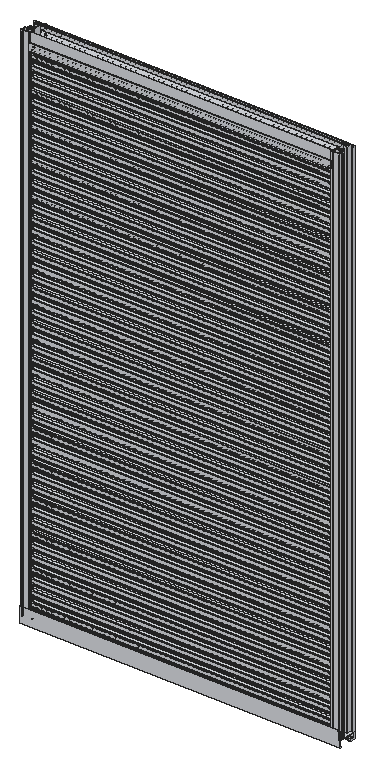
Revit family "All-LiteECD-245", category Mechanical Equipment, host Wall, Revit 2015
Parameters
  Width Control = if(Width < Min Width, Min Width, if(Width > Max Width, Max Width, Width))  # 3' - 0"
  Width = 3' - 0"
  Warranty = "http://www.alllite.com/alllite_warranty.pdf"
  Free Area = "48'' × 48'' unit: 6.6 ft2 41.3%"  # constant formula
  Free Area Velocity @ Beginning Point of Water Penetration = "1172 fpm"  # constant formula
  Air Volume Delivered @ Beginning Point of Water Penetration = "7744 fpm"  # constant formula
  Pressure Loss @ Beginning Point of Water Penetration = ".37 in.wg."  # constant formula
  Velocity @ 0.15 in.wg. Pressure Loss = "760 fpm"  # constant formula
  Max Width to Center of Damper = 0' - 2 1/2"  # constant formula
  Jamb Height = Height - 0' 0 3/4"  # 4' - 11 1/4"
  Description = "The ECD-245 offers exceptional protection against winddriven\r\nrain under the most severe conditions. The ECD-245\r\nincorporates horizontal blades and is available in a wide\r\narray of anodized and painted finishes including custom\r\ncolor matching."  # constant formula
  Design Load = "20 psf"  # constant formula
  URL = "http://www.alllite.com/"
  Specifications = "http://www.alllite.com/media/resource/ecd245csispecification.doc"
  Product URL = "http://www.alllite.com-ecd-245"
  Frame Material = none
  Face of Frame From Face of Wall = 0' - 0 1/2"
  Center Damper Control = if(Face of Frame From Face of Wall > 0' 2 1/2", Max Width to Center of Damper, Face of Frame From Face of Wall)  # 0' - 0 1/2"
  Omni Class Title = "Louver"  # constant formula
  Omni Class Code = "22-23 09 13 43"  # constant formula
  Minimum Size = "4'' x 5''"  # constant formula
  Maximum Size (Single Section) = "60'' x 120'', 120'' x 60''"  # constant formula
  Screen = "1/2'' × 0.063'' expanded and flattened aluminum"  # constant formula
  Mullion = "Visible"  # constant formula
  Maximum Size (Multiple Section) = "Unlimited"  # constant formula
  Model = "ECD-245"  # constant formula
  Min Width = 0' - 5"  # constant formula
  Min Height = 0' - 4"  # constant formula
  Max Width = 10' - 0"  # constant formula
  Max Height = 10' - 0"  # constant formula
  Manufacturer = "Pottorff"  # constant formula
  Blade Material = none
  Height Control = if(Height < Min Height, Min Height, if(Height > Max Height, Max Height, Height))  # 5' - 0"
  Height = 5' - 0"
  Frame = "2'' deep × 0.060'' thick channel"  # constant formula
  Default Height = 4' - 0"
  Cut Sheet = "http://www.alllite.com/media/resource/ecd245.pdf"
  Blades = "0.060'' thick horizontal chevron style"  # constant formula
  Blade Width = Width - 0' 2"  # 2' - 10"
  Assembly Code = "B2010300"
  Array = (Height - 0' 2 1/4") / 0' 1 3/16"  # 49
  95 CSI = ""
  04 CSI = ""
Reference planes (in)
  plane 1: y = 0
  plane 2 "Center (Left/Right)": x = 0
  plane 3 "Wall Edge": y = 3
  plane 4: x = -18
  plane 5 "blade": y = 2.5
  plane 6: z = 48
  plane 7: z = 108
  plane 8: z = 78
  plane 9: x = 18
  plane 10: z = 106.5
Lines and regions (in)
  Opening 1
    outline origin (-60, -3, 0) x (1, 0, 0) y (0, 0, 1)
      loop
        line (78, 108) -> (42, 108) -> (42, 48) -> (78, 48) -> (78, 108)
Text (in)
  text "Placement Side" at (0, 40.15149, 123.01588), in view "Right"
  text "Placement Side" at (-70.3804, 28.46503, 0), in view "Ref. Level"
  text "Placement Side" at (0, 81.62555, 140.59947), in view "Left"
Dimensions and locks (in)
  locked: plane 3 "Wall Edge" to host wall
  "Height": plane 6 to plane 7
  equal spacing: plane 4, plane 2 "Center (Left/Right)", plane 9
  "Default Height": level to plane 6
  equal spacing: plane 6, plane 8, plane 7
  "Width": plane 9 to plane 4
  locked: plane 10 to plane 7 at 1.5
  equal spacing: group 1, group 3, group 4, group 5, group 6, group 7, group 8, group 9, group 10, group 11, group 12, group 13, group 14, group 15, group 16, group 17, group 18, group 19, group 20, group 21, group 22, group 23, group 24, group 25, group 26, group 27, group 28, group 29, group 30, group 31, group 32, group 33, group 34, group 35, group 36, group 37, group 38, group 39, group 40, group 41, group 42, group 43, group 44, group 45, group 46, group 47, group 48, group 49, group 2  (x3)
  "Face of Frame From Face of Wall": plane 5 "blade" to host wall
  aligned and locked: Opening 1 sketch curve to plane 9
  aligned and locked: Opening 1 sketch curve to plane 4
  aligned and locked: plane 5 "blade" to nested 1
  aligned and locked: plane 4 to nested 2
  aligned and locked: nested 3 to plane 9
  aligned and locked: nested 3 to plane 5 "blade"
  aligned and locked: plane 5 "blade" to nested 2
  aligned and locked: nested 1 to plane 2 "Center (Left/Right)"
  aligned and locked: nested 4 to plane 6
  aligned and locked: plane 5 "blade" to nested 4
  aligned and locked: nested 3 to nested 4
  aligned and locked: nested 2 to nested 4
  aligned and locked: nested 5 to plane 7
  aligned and locked: nested 5 to plane 5 "blade"
  aligned and locked: plane 5 "blade" to nested 6
  aligned and locked: plane 7 to nested 6
  aligned and locked: nested 1 to nested 4
  aligned and locked: nested 7 to plane 10
  aligned and locked: plane 5 "blade" to nested 7
Automatic sketch dimensions
  Opening 1 sketch curve to plane 6 = 0' - 0"
  Opening 1 sketch curve to plane 7 = 0' - 0"
Nested families (in)
  nested 1: "M-54147 Blade" at (0, 2.5, 48.75) x (-1, 0, 0) z (0, 0, 1), type "M-54147 Blade"
    with W 2' - 10"
  nested 2: "M-54108 Jamb" at (-17, 2.5, 48.75) x (-1, 0, 0) z (0, 0, 1), type "M-54108 Jamb"
    with H 4' - 11 1/4"
  nested 3: "M-54108 Jamb" at (17, 2.5, 48.75), type "M-54108 Jamb"
    with H 4' - 11 1/4"
  nested 4: "M-54116 Base" at (0, 2.5, 48) x (-1, 0, 0) z (0, 0, 1), type "M-54116 Base"
    with W 3' - 0"
  nested 5: "M-54116 Base" at (0, 0.375, 106.25) x (-1, 0, 0) z (0, 0, 1), type "M-54116 Top"
    with W 2' - 10"
  nested 6: "M-54147 BladeTop" at (0, 2.5, 106.25) x (-1, 0, 0) z (0, 0, 1), type "M-54147 BladeTop"
    with W 2' - 10"
  nested 7: "M-54147 Blade" at (0, 2.5, 105.314) x (-1, 0, 0) z (0, 0, 1), type "M-54147 Blade"
    with W 2' - 10"
  nested 8: "M-54147 Blade" at (0, 2.5, 49.92842) x (-1, 0, 0) z (0, 0, 1), type "M-54147 Blade"
    with W 2' - 10"
  nested 9: "M-54147 Blade" at (0, 2.5, 51.10683) x (-1, 0, 0) z (0, 0, 1), type "M-54147 Blade"
    with W 2' - 10"
  nested 10: "M-54147 Blade" at (0, 2.5, 52.28525) x (-1, 0, 0) z (0, 0, 1), type "M-54147 Blade"
    with W 2' - 10"
  nested 11: "M-54147 Blade" at (0, 2.5, 53.46367) x (-1, 0, 0) z (0, 0, 1), type "M-54147 Blade"
    with W 2' - 10"
  nested 12: "M-54147 Blade" at (0, 2.5, 54.64208) x (-1, 0, 0) z (0, 0, 1), type "M-54147 Blade"
    with W 2' - 10"
  nested 13: "M-54147 Blade" at (0, 2.5, 55.8205) x (-1, 0, 0) z (0, 0, 1), type "M-54147 Blade"
    with W 2' - 10"
  nested 14: "M-54147 Blade" at (0, 2.5, 56.99892) x (-1, 0, 0) z (0, 0, 1), type "M-54147 Blade"
    with W 2' - 10"
  nested 15: "M-54147 Blade" at (0, 2.5, 58.17733) x (-1, 0, 0) z (0, 0, 1), type "M-54147 Blade"
    with W 2' - 10"
  nested 16: "M-54147 Blade" at (0, 2.5, 59.35575) x (-1, 0, 0) z (0, 0, 1), type "M-54147 Blade"
    with W 2' - 10"
  nested 17: "M-54147 Blade" at (0, 2.5, 60.53417) x (-1, 0, 0) z (0, 0, 1), type "M-54147 Blade"
    with W 2' - 10"
  nested 18: "M-54147 Blade" at (0, 2.5, 61.71258) x (-1, 0, 0) z (0, 0, 1), type "M-54147 Blade"
    with W 2' - 10"
  nested 19: "M-54147 Blade" at (0, 2.5, 62.891) x (-1, 0, 0) z (0, 0, 1), type "M-54147 Blade"
    with W 2' - 10"
  nested 20: "M-54147 Blade" at (0, 2.5, 64.06942) x (-1, 0, 0) z (0, 0, 1), type "M-54147 Blade"
    with W 2' - 10"
  nested 21: "M-54147 Blade" at (0, 2.5, 65.24783) x (-1, 0, 0) z (0, 0, 1), type "M-54147 Blade"
    with W 2' - 10"
  nested 22: "M-54147 Blade" at (0, 2.5, 66.42625) x (-1, 0, 0) z (0, 0, 1), type "M-54147 Blade"
    with W 2' - 10"
  nested 23: "M-54147 Blade" at (0, 2.5, 67.60467) x (-1, 0, 0) z (0, 0, 1), type "M-54147 Blade"
    with W 2' - 10"
  nested 24: "M-54147 Blade" at (0, 2.5, 68.78308) x (-1, 0, 0) z (0, 0, 1), type "M-54147 Blade"
    with W 2' - 10"
  nested 25: "M-54147 Blade" at (0, 2.5, 69.9615) x (-1, 0, 0) z (0, 0, 1), type "M-54147 Blade"
    with W 2' - 10"
  nested 26: "M-54147 Blade" at (0, 2.5, 71.13992) x (-1, 0, 0) z (0, 0, 1), type "M-54147 Blade"
    with W 2' - 10"
  nested 27: "M-54147 Blade" at (0, 2.5, 72.31833) x (-1, 0, 0) z (0, 0, 1), type "M-54147 Blade"
    with W 2' - 10"
  nested 28: "M-54147 Blade" at (0, 2.5, 73.49675) x (-1, 0, 0) z (0, 0, 1), type "M-54147 Blade"
    with W 2' - 10"
  nested 29: "M-54147 Blade" at (0, 2.5, 74.67517) x (-1, 0, 0) z (0, 0, 1), type "M-54147 Blade"
    with W 2' - 10"
  nested 30: "M-54147 Blade" at (0, 2.5, 75.85358) x (-1, 0, 0) z (0, 0, 1), type "M-54147 Blade"
    with W 2' - 10"
  nested 31: "M-54147 Blade" at (0, 2.5, 77.032) x (-1, 0, 0) z (0, 0, 1), type "M-54147 Blade"
    with W 2' - 10"
  nested 32: "M-54147 Blade" at (0, 2.5, 78.21042) x (-1, 0, 0) z (0, 0, 1), type "M-54147 Blade"
    with W 2' - 10"
  nested 33: "M-54147 Blade" at (0, 2.5, 79.38883) x (-1, 0, 0) z (0, 0, 1), type "M-54147 Blade"
    with W 2' - 10"
  nested 34: "M-54147 Blade" at (0, 2.5, 80.56725) x (-1, 0, 0) z (0, 0, 1), type "M-54147 Blade"
    with W 2' - 10"
  nested 35: "M-54147 Blade" at (0, 2.5, 81.74567) x (-1, 0, 0) z (0, 0, 1), type "M-54147 Blade"
    with W 2' - 10"
  nested 36: "M-54147 Blade" at (0, 2.5, 82.92408) x (-1, 0, 0) z (0, 0, 1), type "M-54147 Blade"
    with W 2' - 10"
  nested 37: "M-54147 Blade" at (0, 2.5, 84.1025) x (-1, 0, 0) z (0, 0, 1), type "M-54147 Blade"
    with W 2' - 10"
  nested 38: "M-54147 Blade" at (0, 2.5, 85.28092) x (-1, 0, 0) z (0, 0, 1), type "M-54147 Blade"
    with W 2' - 10"
  nested 39: "M-54147 Blade" at (0, 2.5, 86.45933) x (-1, 0, 0) z (0, 0, 1), type "M-54147 Blade"
    with W 2' - 10"
  nested 40: "M-54147 Blade" at (0, 2.5, 87.63775) x (-1, 0, 0) z (0, 0, 1), type "M-54147 Blade"
    with W 2' - 10"
  nested 41: "M-54147 Blade" at (0, 2.5, 88.81617) x (-1, 0, 0) z (0, 0, 1), type "M-54147 Blade"
    with W 2' - 10"
  nested 42: "M-54147 Blade" at (0, 2.5, 89.99458) x (-1, 0, 0) z (0, 0, 1), type "M-54147 Blade"
    with W 2' - 10"
  nested 43: "M-54147 Blade" at (0, 2.5, 91.173) x (-1, 0, 0) z (0, 0, 1), type "M-54147 Blade"
    with W 2' - 10"
  nested 44: "M-54147 Blade" at (0, 2.5, 92.35142) x (-1, 0, 0) z (0, 0, 1), type "M-54147 Blade"
    with W 2' - 10"
  nested 45: "M-54147 Blade" at (0, 2.5, 93.52983) x (-1, 0, 0) z (0, 0, 1), type "M-54147 Blade"
    with W 2' - 10"
  nested 46: "M-54147 Blade" at (0, 2.5, 94.70825) x (-1, 0, 0) z (0, 0, 1), type "M-54147 Blade"
    with W 2' - 10"
  nested 47: "M-54147 Blade" at (0, 2.5, 95.88667) x (-1, 0, 0) z (0, 0, 1), type "M-54147 Blade"
    with W 2' - 10"
  nested 48: "M-54147 Blade" at (0, 2.5, 97.06508) x (-1, 0, 0) z (0, 0, 1), type "M-54147 Blade"
    with W 2' - 10"
  nested 49: "M-54147 Blade" at (0, 2.5, 98.2435) x (-1, 0, 0) z (0, 0, 1), type "M-54147 Blade"
    with W 2' - 10"
  nested 50: "M-54147 Blade" at (0, 2.5, 99.42192) x (-1, 0, 0) z (0, 0, 1), type "M-54147 Blade"
    with W 2' - 10"
  nested 51: "M-54147 Blade" at (0, 2.5, 100.60033) x (-1, 0, 0) z (0, 0, 1), type "M-54147 Blade"
    with W 2' - 10"
  nested 52: "M-54147 Blade" at (0, 2.5, 101.77875) x (-1, 0, 0) z (0, 0, 1), type "M-54147 Blade"
    with W 2' - 10"
  nested 53: "M-54147 Blade" at (0, 2.5, 102.95717) x (-1, 0, 0) z (0, 0, 1), type "M-54147 Blade"
    with W 2' - 10"
  nested 54: "M-54147 Blade" at (0, 2.5, 104.13558) x (-1, 0, 0) z (0, 0, 1), type "M-54147 Blade"
    with W 2' - 10"
Definition of nested family "M-54147 Blade"
  Parameters
    W = 3' - 10"
    Blade = none
  Reference planes (in)
    plane 1 "Center (Front/Back)": y = 0
    plane 2: z = 0
    plane 3 "Center (Left/Right)": x = 0
    plane 4: x = 23
    plane 5: x = -23
    plane 6: z = 1.186
  Forms (in)
    Sweep 1, solid, material <- "Blade"
      path origin (0, 0, 0) x (1, 0, 0) y (0, 1, 0)
        loop
          line (-23, 0) -> (23, 0)
      profile origin (0, 0, 0) x (0, 1, 0) y (0, 0, 1)
        loop
          arc (0, 0.0134) -> (0.00882, 0.00044) -> (0.02411, 0.0039) r 0.01392
          line (0.02411, 0.0039) -> (0.49534, 0.50923)
          arc (0.49534, 0.50923) -> (0.59548, 0.60001) -> (0.70939, 0.67278) r 0.80602
          arc (0.70939, 0.67278) -> (0.76388, 0.69801) -> (0.82066, 0.71758) r 0.59055
          arc (0.82066, 0.71758) -> (0.9052, 0.75007) -> (0.98294, 0.79652) r 0.52819
          arc (0.98294, 0.79652) -> (1.01316, 0.80051) -> (1.03316, 0.77751) r 0.03219
          arc (1.03316, 0.77751) -> (1.07889, 0.75639) -> (1.08755, 0.80601) r 0.03177
          arc (1.08755, 0.80601) -> (1.07822, 0.82045) -> (1.0742, 0.83717) r 0.05114
          arc (1.0742, 0.83717) -> (1.07923, 0.87292) -> (1.09823, 0.90362) r 0.08781
          arc (1.09823, 0.90362) -> (1.2216, 0.90257) -> (1.21246, 0.77954) r 0.08451
          arc (1.21246, 0.77954) -> (1.20606, 0.74102) -> (1.24359, 0.73024) r 0.02935
          arc (1.24359, 0.73024) -> (1.25855, 0.73961) -> (1.27109, 0.75203) r 0.07973
          arc (1.27109, 0.75203) -> (1.29349, 0.76095) -> (1.31272, 0.74639) r 0.02455
          arc (1.31272, 0.74639) -> (1.33812, 0.70218) -> (1.37273, 0.66472) r 0.22785
          arc (1.37273, 0.66472) -> (1.41889, 0.62725) -> (1.46727, 0.59269) r 0.9634
          arc (1.46727, 0.59269) -> (1.53585, 0.53576) -> (1.59126, 0.46596) r 0.43133
          arc (1.59126, 0.46596) -> (1.60651, 0.44486) -> (1.62413, 0.42569) r 0.22208
          arc (1.62413, 0.42569) -> (1.63838, 0.4116) -> (1.65231, 0.39719) r 0.89626
          arc (1.65231, 0.39719) -> (1.70628, 0.35946) -> (1.77076, 0.34617) r 0.163
          line (1.77076, 0.34617) -> (1.86375, 0.34617) -> (1.86375, 0.07369) -> (1.74184, 0.14407)
          arc (1.74184, 0.14407) -> (1.71111, 0.13584) -> (1.71934, 0.1051) r 0.0225
          line (1.71934, 0.1051) -> (1.89783, 0.00205)
          arc (1.89783, 0.00205) -> (1.91594, 0.00205) -> (1.925, 0.01773) r 0.01811
          line (1.925, 0.01773) -> (1.925, 0.44228)
          arc (1.925, 0.44228) -> (1.91423, 0.48983) -> (1.88403, 0.52811) r 0.1104
          arc (1.88403, 0.52811) -> (1.85109, 0.52463) -> (1.85457, 0.4917) r 0.02342
          arc (1.85457, 0.4917) -> (1.87241, 0.4687) -> (1.87812, 0.44016) r 0.06356
          arc (1.87812, 0.44016) -> (1.869, 0.4196) -> (1.84814, 0.41117) r 0.03
          line (1.84814, 0.41117) -> (1.75958, 0.41117)
          arc (1.75958, 0.41117) -> (1.72023, 0.42115) -> (1.6904, 0.44871) r 0.08253
          arc (1.6904, 0.44871) -> (1.63347, 0.52576) -> (1.56777, 0.59548) r 0.80224
          arc (1.56777, 0.59548) -> (1.51092, 0.64528) -> (1.45065, 0.69086) r 1.05201
          arc (1.45065, 0.69086) -> (1.40886, 0.72575) -> (1.37349, 0.76712) r 0.32455
          arc (1.37349, 0.76712) -> (1.31371, 0.86658) -> (1.271, 0.97448) r 0.70708
          arc (1.271, 0.97448) -> (1.23844, 1.04354) -> (1.18741, 1.10033) r 0.26284
          arc (1.18741, 1.10033) -> (1.07965, 1.16271) -> (0.95734, 1.186) r 0.37172
          arc (0.95734, 1.186) -> (0.86331, 1.17324) -> (0.77763, 1.13243) r 0.30772
          arc (0.77763, 1.13243) -> (0.77109, 1.09769) -> (0.80583, 1.09115) r 0.025
          arc (0.80583, 1.09115) -> (0.85491, 1.11739) -> (0.90848, 1.13249) r 0.25772
          arc (0.90848, 1.13249) -> (1.05444, 1.12108) -> (1.1779, 1.0424) r 0.30223
          arc (1.1779, 1.0424) -> (1.184, 1.00879) -> (1.15565, 0.98974) r 0.0312
          arc (1.15565, 0.98974) -> (1.08924, 0.97283) -> (1.03785, 0.92748) r 0.14602
          arc (1.03785, 0.92748) -> (0.96216, 0.85209) -> (0.86505, 0.80754) r 0.30406
          arc (0.86505, 0.80754) -> (0.81467, 0.79343) -> (0.76487, 0.77738) r 1.34837
          arc (0.76487, 0.77738) -> (0.6559, 0.72893) -> (0.557, 0.66231) r 0.68468
          arc (0.557, 0.66231) -> (0.53319, 0.64067) -> (0.51157, 0.61685) r 0.33511
          arc (0.51157, 0.61685) -> (0.49546, 0.5979) -> (0.47878, 0.57945) r 0.81075
          line (0.47878, 0.57945) -> (0.045, 0.11429) -> (0.045, 0.41571)
          arc (0.045, 0.41571) -> (0.04577, 0.46841) -> (0, 0.44228) r 0.03034
          line (0, 0.44228) -> (0, 0.0134)
  Dimensions and locks (in)
    equal spacing: plane 5, plane 3 "Center (Left/Right)", plane 4
    "W": plane 5 to plane 4
    aligned and locked: plane 2 to level
    aligned and locked: plane 5 to Sweep 1 sketch curve
    aligned and locked: plane 4 to Sweep 1 sketch curve
  Automatic sketch dimensions
    plane 1 "Center (Front/Back)" to Sweep 1 sketch curve = 0' - 0"
    Sweep 1 sketch curve to Sweep 1 sketch curve = 0' - 0"  (x38)
    Sweep 1 sketch curve to profile plane = 0' - 0"
    level to Sweep 1 sketch curve = 0' - 0.00205"
    level to Sweep 1 sketch curve = 0' - 0 1/256"
    Sweep 1 sketch curve to profile plane = 0' - 0.02411"
    Sweep 1 sketch curve to profile plane = 0' - 0.045"
    Sweep 1 sketch curve to Sweep 1 sketch curve = 0' - 0.43378"
    Sweep 1 sketch curve to Sweep 1 sketch curve = 0' - 0.01656"
    level to Sweep 1 sketch curve = 0' - 0.1051"
    Sweep 1 sketch curve to Sweep 1 sketch curve = 0' - 1.22401"
    level to Sweep 1 sketch curve = 0' - 0.14407"
    Sweep 1 sketch curve to Sweep 1 sketch curve = 0' - 0.0225"
    Sweep 1 sketch curve to Sweep 1 sketch curve = 0' - 0.01774"
    Sweep 1 sketch curve to Sweep 1 sketch curve = 0' - 0.01118"
    Sweep 1 sketch curve to Sweep 1 sketch curve = 0' - 0.08856"
    level to Sweep 1 sketch curve = 0' - 0.07369"
    Sweep 1 sketch curve to Sweep 1 sketch curve = 0' - 0.12191"
    Sweep 1 sketch curve to Sweep 1 sketch curve = 0' - 0.03408"
    Sweep 1 sketch curve to Sweep 1 sketch curve = 0' - 0.07686"
    profile plane to Sweep 1 sketch curve = 0' - 0.11417"
    level to Sweep 1 sketch curve = 0' - 0.0134"
    Sweep 1 sketch curve to Sweep 1 sketch curve = 0' - 0.03034"
    Sweep 1 sketch curve to Sweep 1 sketch curve = 0' - 0.03279"
    Sweep 1 sketch curve to Sweep 1 sketch curve = 0' - 0.04544"
    Sweep 1 sketch curve to Sweep 1 sketch curve = 0' - 0.11715"
    Sweep 1 sketch curve to Sweep 1 sketch curve = 0' - 0.15239"
    Sweep 1 sketch curve to Sweep 1 sketch curve = 0' - 0.05548"
    Sweep 1 sketch curve to Sweep 1 sketch curve = 0' - 0.06082"
    Sweep 1 sketch curve to Sweep 1 sketch curve = 0' - 0.10347"
    Sweep 1 sketch curve to Sweep 1 sketch curve = 0' - 0.01114"
    Sweep 1 sketch curve to Sweep 1 sketch curve = 0' - 0.00296"
    Sweep 1 sketch curve to Sweep 1 sketch curve = 0' - 0.05579"
    Sweep 1 sketch curve to level = 0' - 0.17045"
    Sweep 1 sketch curve to Sweep 1 sketch curve = 0' - 0.0764"
    Sweep 1 sketch curve to Sweep 1 sketch curve = 0' - 0.0444"
    Sweep 1 sketch curve to Sweep 1 sketch curve = 0' - 0.10265"
    Sweep 1 sketch curve to Sweep 1 sketch curve = 0' - 0.08488"
    Sweep 1 sketch curve to Sweep 1 sketch curve = 0' - 0.00127"
    Sweep 1 sketch curve to Sweep 1 sketch curve = 0' - 0.04886"
    Sweep 1 sketch curve to Sweep 1 sketch curve = 0' - 0.00865"
    Sweep 1 sketch curve to Sweep 1 sketch curve = 0' - 0.03301"
    level to Sweep 1 sketch curve = 0' - 0.1502"
    Sweep 1 sketch curve to Sweep 1 sketch curve = 0' - 0.21425"
    Sweep 1 sketch curve to Sweep 1 sketch curve = 0' - 0.00305"
    Sweep 1 sketch curve to Sweep 1 sketch curve = 0' - 0.15441"
    Sweep 1 sketch curve to Sweep 1 sketch curve = 0' - 0.01882"
    level to Sweep 1 sketch curve = 0' - 0.01141"
    Sweep 1 sketch curve to Sweep 1 sketch curve = 0' - 0.03032"
    Sweep 1 sketch curve to Sweep 1 sketch curve = 0' - 0.06828"
    Sweep 1 sketch curve to Sweep 1 sketch curve = 0' - 0.0314"
    Sweep 1 sketch curve to Sweep 1 sketch curve = 0' - 0.01836"
    Sweep 1 sketch curve to Sweep 1 sketch curve = 0' - 0.03098"
    Sweep 1 sketch curve to Sweep 1 sketch curve = 0' - 0.01005"
    Sweep 1 sketch curve to level = 0' - 0.04047"
    Sweep 1 sketch curve to Sweep 1 sketch curve = 0' - 0.067"
    Sweep 1 sketch curve to Sweep 1 sketch curve = 0' - 0.0234"
    Sweep 1 sketch curve to Sweep 1 sketch curve = 0' - 0.06038"
    Sweep 1 sketch curve to Sweep 1 sketch curve = 0' - 0.05103"
    Sweep 1 sketch curve to Sweep 1 sketch curve = 0' - 0.05704"
    Sweep 1 sketch curve to Sweep 1 sketch curve = 0' - 0.00039"
    Sweep 1 sketch curve to Sweep 1 sketch curve = 0' - 0.03224"
    Sweep 1 sketch curve to Sweep 1 sketch curve = 0' - 0.00195"
    Sweep 1 sketch curve to Sweep 1 sketch curve = 0' - 0.00239"
    Sweep 1 sketch curve to Sweep 1 sketch curve = 0' - 0.02264"
    Sweep 1 sketch curve to Sweep 1 sketch curve = 0' - 0.00951"
    Sweep 1 sketch curve to Sweep 1 sketch curve = 0' - 0.20231"
    Sweep 1 sketch curve to Sweep 1 sketch curve = 0' - 0.04723"
    Sweep 1 sketch curve to Sweep 1 sketch curve = 0' - 0.00342"
    Sweep 1 sketch curve to Sweep 1 sketch curve = 0' - 0.24307"
    Sweep 1 sketch curve to Sweep 1 sketch curve = 0' - 0.01842"
    Sweep 1 sketch curve to Sweep 1 sketch curve = 0' - 0.01272"
    Sweep 1 sketch curve to Sweep 1 sketch curve = 0' - 0.09309"
    Sweep 1 sketch curve to Sweep 1 sketch curve = 0' - 0.0275"
    Sweep 1 sketch curve to Sweep 1 sketch curve = 0' - 0.01911"
    Sweep 1 sketch curve to Sweep 1 sketch curve = 0' - 0.02252"
    Sweep 1 sketch curve to Sweep 1 sketch curve = 0' - 0.06001"
    Sweep 1 sketch curve to Sweep 1 sketch curve = 0' - 0.06077"
    Sweep 1 sketch curve to Sweep 1 sketch curve = 0' - 0.07792"
    Sweep 1 sketch curve to Sweep 1 sketch curve = 0' - 0.01662"
    Sweep 1 sketch curve to Sweep 1 sketch curve = 0' - 0.07108"
    Sweep 1 sketch curve to Sweep 1 sketch curve = 0' - 0.1005"
    Sweep 1 sketch curve to Sweep 1 sketch curve = 0' - 0.02349"
    Sweep 1 sketch curve to Sweep 1 sketch curve = 0' - 0.03287"
    Sweep 1 sketch curve to Sweep 1 sketch curve = 0' - 0.11527"
    Sweep 1 sketch curve to Sweep 1 sketch curve = 0' - 0.02818"
    Sweep 1 sketch curve to Sweep 1 sketch curve = 0' - 0.03808"
    Sweep 1 sketch curve to Sweep 1 sketch curve = 0' - 0.01125"
    Sweep 1 sketch curve to Sweep 1 sketch curve = 0' - 0.00777"
    Sweep 1 sketch curve to Sweep 1 sketch curve = 0' - 0.03354"
    Sweep 1 sketch curve to Sweep 1 sketch curve = 0' - 0.00643"
    Sweep 1 sketch curve to Sweep 1 sketch curve = 0' - 0.01473"  (x2)
    Sweep 1 sketch curve to Sweep 1 sketch curve = 0' - 0.02998"
    level to Sweep 1 sketch curve = 0' - 0.01773"
    Sweep 1 sketch curve to Sweep 1 sketch curve = 0' - 0.31058"
    Sweep 1 sketch curve to Sweep 1 sketch curve = 0' - 0.05517"
    Sweep 1 sketch curve to Sweep 1 sketch curve = 0' - 0.10089"
    Sweep 1 sketch curve to Sweep 1 sketch curve = 0' - 0.30142"
    Sweep 1 sketch curve to Sweep 1 sketch curve = 0' - 0.07022"
Definition of nested family "M-54108 Jamb"
  Parameters
    W = 4' - 0"
    H = 3' - 8.75135"
    Blade = none
  Reference planes (in)
    plane 1 "Center (Front/Back)": y = 0
    plane 2: z = 0
    plane 3 "Center (Left/Right)": x = 0
    plane 4: x = 24
    plane 5: x = -24
    plane 6: z = 44.75135
    plane 7: y = 2.045
    plane 8: x = 1
  Forms (in)
    Sweep 1, solid
      path origin (0, 0, 0) x (0, 1, 0) y (0, 0, 1)
        loop
          line (0, 0) -> (0, 44.75135)
      profile origin (0, 0, 22.37567) x (0, -1, 0) y (1, 0, 0)
        loop
          line (0, 0) -> (0, 1) -> (-0.1606, 1)
          arc (-0.1606, 1) -> (-0.18886, 0.97175) -> (-0.1606, 0.94349) r 0.02825
          line (-0.1606, 0.94349) -> (-0.1039, 0.94349)
          arc (-0.1039, 0.94349) -> (-0.07324, 0.9308) -> (-0.06055, 0.90014) r 0.04335
          line (-0.06055, 0.90014) -> (-0.06055, 0.67732)
          arc (-0.06055, 0.67732) -> (-0.07223, 0.64911) -> (-0.10044, 0.63743) r 0.03989
          line (-0.10044, 0.63743) -> (-0.49602, 0.63743)
          arc (-0.49602, 0.63743) -> (-0.53778, 0.62013) -> (-0.55508, 0.57837) r 0.05905
          line (-0.55508, 0.57837) -> (-0.55508, 0.18724) -> (-1.09837, 0.18724) -> (-1.09837, 0.58861)
          arc (-1.09837, 0.58861) -> (-1.10139, 0.62581) -> (-1.11036, 0.66203) r 0.23092
          arc (-1.11036, 0.66203) -> (-1.12256, 0.68906) -> (-1.13991, 0.7131) r 0.14775
          arc (-1.13991, 0.7131) -> (-1.17972, 0.71667) -> (-1.18565, 0.67715) r 0.02914
          arc (-1.18565, 0.67715) -> (-1.17553, 0.66096) -> (-1.16701, 0.64389) r 0.19921
          arc (-1.16701, 0.64389) -> (-1.16795, 0.57762) -> (-1.21871, 0.53502) r 0.07963
          arc (-1.21871, 0.53502) -> (-1.26035, 0.53286) -> (-1.29902, 0.54845) r 0.09664
          arc (-1.29902, 0.54845) -> (-1.31598, 0.56611) -> (-1.32452, 0.58906) r 0.06024
          arc (-1.32452, 0.58906) -> (-1.3216, 0.63358) -> (-1.30025, 0.67274) r 0.10365
          arc (-1.30025, 0.67274) -> (-1.30108, 0.71386) -> (-1.34209, 0.71704) r 0.03061
          arc (-1.34209, 0.71704) -> (-1.36492, 0.69326) -> (-1.37991, 0.66388) r 0.11278
          arc (-1.37991, 0.66388) -> (-1.39061, 0.6494) -> (-1.40775, 0.64389) r 0.02938
          line (-1.40775, 0.64389) -> (-1.49301, 0.64389)
          arc (-1.49301, 0.64389) -> (-1.50944, 0.65069) -> (-1.51625, 0.66712) r 0.02323
          line (-1.51625, 0.66712) -> (-1.51625, 0.97306)
          arc (-1.51625, 0.97306) -> (-1.52414, 0.99211) -> (-1.54318, 1) r 0.02694
          line (-1.54318, 1) -> (-1.63864, 1) -> (-1.63864, 0.94419) -> (-1.57704, 0.94419) -> (-1.57704, 0.84741) -> (-1.95566, 0.84741)
          arc (-1.95566, 0.84741) -> (-1.97812, 0.85671) -> (-1.98743, 0.87917) r 0.03176
          line (-1.98743, 0.87917) -> (-1.98743, 0.91139)
          arc (-1.98743, 0.91139) -> (-1.97782, 0.93458) -> (-1.95463, 0.94419) r 0.03279
          line (-1.95463, 0.94419) -> (-1.86351, 0.94419) -> (-1.86351, 1) -> (-2.045, 1) -> (-2.045, 0) -> (-2.00207, 0) -> (-2.00207, 0.12697) -> (-1.95569, 0.12697) -> (-1.95569, 0.18982) -> (-1.98743, 0.18982) -> (-1.98743, 0.75416)
          arc (-1.98743, 0.75416) -> (-1.97705, 0.77921) -> (-1.952, 0.78958) r 0.03542
          line (-1.952, 0.78958) -> (-1.61581, 0.78958)
          arc (-1.61581, 0.78958) -> (-1.5884, 0.77823) -> (-1.57704, 0.75082) r 0.03877
          line (-1.57704, 0.75082) -> (-1.57704, 0.12697) -> (-1.53109, 0.12697) -> (-1.53109, 0.55275)
          arc (-1.53109, 0.55275) -> (-1.52377, 0.57043) -> (-1.50609, 0.57775) r 0.025
          line (-1.50609, 0.57775) -> (-1.41487, 0.57775)
          arc (-1.41487, 0.57775) -> (-1.38378, 0.56487) -> (-1.3709, 0.53379) r 0.04396
          line (-1.3709, 0.53379) -> (-1.3709, 0.12697) -> (-1.32452, 0.12697) -> (-1.32452, 0.44763)
          arc (-1.32452, 0.44763) -> (-1.31519, 0.46603) -> (-1.29483, 0.46935) r 0.02279
          arc (-1.29483, 0.46935) -> (-1.24256, 0.46155) -> (-1.19047, 0.47051) r 0.16664
          arc (-1.19047, 0.47051) -> (-1.16682, 0.46704) -> (-1.15589, 0.44578) r 0.02613
          line (-1.15589, 0.44578) -> (-1.15589, 0.12697) -> (-0.48886, 0.12697) -> (-0.48886, 0.55405)
          arc (-0.48886, 0.55405) -> (-0.48062, 0.57394) -> (-0.46073, 0.58218) r 0.02813
          line (-0.46073, 0.58218) -> (-0.33075, 0.58218)
          arc (-0.33075, 0.58218) -> (-0.30938, 0.57333) -> (-0.30053, 0.55196) r 0.03022
          line (-0.30053, 0.55196) -> (-0.30053, 0.12697) -> (-0.25426, 0.12697) -> (-0.25426, 0.54907)
          arc (-0.25426, 0.54907) -> (-0.24456, 0.57248) -> (-0.22114, 0.58218) r 0.03312
          line (-0.22114, 0.58218) -> (-0.0921, 0.58218)
          arc (-0.0921, 0.58218) -> (-0.06979, 0.57294) -> (-0.06055, 0.55063) r 0.03155
          line (-0.06055, 0.55063) -> (-0.06055, 0.18724) -> (-0.09283, 0.18724) -> (-0.09283, 0.12697) -> (-0.04539, 0.12697) -> (-0.04539, 0) -> (0, 0)
  Dimensions and locks (in)
    equal spacing: plane 5, plane 3 "Center (Left/Right)", plane 4
    "W": plane 5 to plane 4
    "H": plane 6 to plane 2
    aligned and locked: plane 2 to level
    aligned and locked: plane 6 to Sweep 1 sketch curve
    aligned and locked: level to Sweep 1 sketch curve
  Automatic sketch dimensions
    Sweep 1 sketch curve to plane 1 "Center (Front/Back)" = 0' - 0"
    Sweep 1 sketch curve to Sweep 1 sketch curve = 0' - 0"  (x15)
    Sweep 1 sketch curve to plane 3 "Center (Left/Right)" = 0' - 0"  (x2)
    Sweep 1 sketch curve to profile plane = 0' - 0"
    plane 3 "Center (Left/Right)" to Sweep 1 sketch curve = 0' - 0.12697"  (x6)
    profile plane to Sweep 1 sketch curve = 0' - 0.04539"
    profile plane to Sweep 1 sketch curve = 0' - 0.06055"  (x2)
    Sweep 1 sketch curve to Sweep 1 sketch curve = 0' - 0.03155"
    Sweep 1 sketch curve to Sweep 1 sketch curve = 0' - 0.04744"
    Sweep 1 sketch curve to Sweep 1 sketch curve = 0' - 0.00833"
    Sweep 1 sketch curve to Sweep 1 sketch curve = 0' - 0.04335"
    Sweep 1 sketch curve to Sweep 1 sketch curve = 0' - 0.05671"
    Sweep 1 sketch curve to Sweep 1 sketch curve = 0' - 0.12904"
    Sweep 1 sketch curve to Sweep 1 sketch curve = 0' - 0.16142"
    Sweep 1 sketch curve to Sweep 1 sketch curve = 0' - 0.04627"
    Sweep 1 sketch curve to Sweep 1 sketch curve = 0' - 0.03022"
    Sweep 1 sketch curve to Sweep 1 sketch curve = 0' - 0.12997"
    Sweep 1 sketch curve to Sweep 1 sketch curve = 0' - 0.18833"
    Sweep 1 sketch curve to Sweep 1 sketch curve = 0' - 0.0353"
    Sweep 1 sketch curve to Sweep 1 sketch curve = 0' - 0.06622"
    Sweep 1 sketch curve to Sweep 1 sketch curve = 0' - 0.5433"
    Sweep 1 sketch curve to Sweep 1 sketch curve = 0' - 0.05751"
    Sweep 1 sketch curve to Sweep 1 sketch curve = 0' - 0.16863"
    Sweep 1 sketch curve to Sweep 1 sketch curve = 0' - 0.04638"  (x2)
    Sweep 1 sketch curve to Sweep 1 sketch curve = 0' - 0.03684"
    Sweep 1 sketch curve to Sweep 1 sketch curve = 0' - 0.04396"
    Sweep 1 sketch curve to Sweep 1 sketch curve = 0' - 0.08527"
    Sweep 1 sketch curve to Sweep 1 sketch curve = 0' - 0.01308"
    Sweep 1 sketch curve to Sweep 1 sketch curve = 0' - 0.02323"
    Sweep 1 sketch curve to Sweep 1 sketch curve = 0' - 0.025"
    Sweep 1 sketch curve to Sweep 1 sketch curve = 0' - 0.02694"
    Sweep 1 sketch curve to Sweep 1 sketch curve = 0' - 0.04595"
    Sweep 1 sketch curve to Sweep 1 sketch curve = 0' - 0.03877"
    Sweep 1 sketch curve to Sweep 1 sketch curve = 0' - 0.0616"
    Sweep 1 sketch curve to Sweep 1 sketch curve = 0' - 0.22487"
    Sweep 1 sketch curve to Sweep 1 sketch curve = 0' - 0.08849"
    Sweep 1 sketch curve to Sweep 1 sketch curve = 0' - 0.09112"
    Sweep 1 sketch curve to Sweep 1 sketch curve = 0' - 0.00366"
    plane 3 "Center (Left/Right)" to Sweep 1 sketch curve = 0' - 0.18982"
    Sweep 1 sketch curve to Sweep 1 sketch curve = 0' - 0.37865"
    Sweep 1 sketch curve to Sweep 1 sketch curve = 0' - 0.03542"
    Sweep 1 sketch curve to Sweep 1 sketch curve = 0' - 0.03279"
    Sweep 1 sketch curve to Sweep 1 sketch curve = 0' - 0.04293"
    Sweep 1 sketch curve to Sweep 1 sketch curve = 0' - 0.02784"
    Sweep 1 sketch curve to Sweep 1 sketch curve = 0' - 0.0216"
    Sweep 1 sketch curve to Sweep 1 sketch curve = 0' - 0.03782"
    Sweep 1 sketch curve to Sweep 1 sketch curve = 0' - 0.02002"
    Sweep 1 sketch curve to Sweep 1 sketch curve = 0' - 0.00477"
    Sweep 1 sketch curve to Sweep 1 sketch curve = 0' - 0.01875"
    Sweep 1 sketch curve to Sweep 1 sketch curve = 0' - 0.02279"
    Sweep 1 sketch curve to Sweep 1 sketch curve = 0' - 0.02309"
    Sweep 1 sketch curve to Sweep 1 sketch curve = 0' - 0.02551"
    Sweep 1 sketch curve to Sweep 1 sketch curve = 0' - 0.0069"
    Sweep 1 sketch curve to Sweep 1 sketch curve = 0' - 0.02722"
    Sweep 1 sketch curve to Sweep 1 sketch curve = 0' - 0.00806"
    Sweep 1 sketch curve to Sweep 1 sketch curve = 0' - 0.01453"
    Sweep 1 sketch curve to Sweep 1 sketch curve = 0' - 0.00604"
    Sweep 1 sketch curve to Sweep 1 sketch curve = 0' - 0.01056"
    Sweep 1 sketch curve to Sweep 1 sketch curve = 0' - 0.01782"
    Sweep 1 sketch curve to Sweep 1 sketch curve = 0' - 0.00335"
    Sweep 1 sketch curve to Sweep 1 sketch curve = 0' - 0.03459"
    Sweep 1 sketch curve to Sweep 1 sketch curve = 0' - 0.05875"
    Sweep 1 sketch curve to Sweep 1 sketch curve = 0' - 0.01864"
    Sweep 1 sketch curve to Sweep 1 sketch curve = 0' - 0.02394"
    Sweep 1 sketch curve to Sweep 1 sketch curve = 0' - 0.0218"
    Sweep 1 sketch curve to Sweep 1 sketch curve = 0' - 0.02955"
    Sweep 1 sketch curve to Sweep 1 sketch curve = 0' - 0.06026"  (x2)
    Sweep 1 sketch curve to Sweep 1 sketch curve = 0' - 0.25855"
    Sweep 1 sketch curve to Sweep 1 sketch curve = 0' - 0.02977"
    Sweep 1 sketch curve to Sweep 1 sketch curve = 0' - 0.36183"
    Sweep 1 sketch curve to Sweep 1 sketch curve = 0' - 0.0029"
    Sweep 1 sketch curve to Sweep 1 sketch curve = 0' - 0.02432"
    Sweep 1 sketch curve to Sweep 1 sketch curve = 0' - 0.08369"
    Sweep 1 sketch curve to Sweep 1 sketch curve = 0' - 0.05782"
    Sweep 1 sketch curve to Sweep 1 sketch curve = 0' - 0.22283"
    Sweep 1 sketch curve to Sweep 1 sketch curve = 0' - 0.03222"
    Sweep 1 sketch curve to Sweep 1 sketch curve = 0' - 0.09678"
    Sweep 1 sketch curve to Sweep 1 sketch curve = 0' - 0.02888"
    Sweep 1 sketch curve to Sweep 1 sketch curve = 0' - 0.05581"
    Sweep 1 sketch curve to Sweep 1 sketch curve = 0' - 0.05651"
Definition of nested family "M-54116 Base"
  Parameters
    W = 3' - 10"
    Blade = none
  Reference planes (in)
    plane 1 "Center (Front/Back)": y = 0
    plane 2: z = 0
    plane 3 "Center (Left/Right)": x = 0
    plane 4: x = 23
    plane 5: x = -23
  Forms (in)
    Sweep 1, solid, material <- "Blade"
      path origin (0, 0, 0) x (1, 0, 0) y (0, 1, 0)
        loop
          line (-23, 0) -> (23, 0)
      profile origin (0, 0, 0) x (0, 1, 0) y (0, 0, 1)
        loop
          line (0, 0) -> (0.1683, 0) -> (0.1683, 0.065) -> (0.09, 0.065)
          arc (0.09, 0.065) -> (0.07232, 0.07232) -> (0.065, 0.09) r 0.025
          line (0.065, 0.09) -> (0.065, 0.12327)
          arc (0.065, 0.12327) -> (0.07232, 0.14095) -> (0.09, 0.14827) r 0.025
          line (0.09, 0.14827) -> (0.41935, 0.14827)
          arc (0.41935, 0.14827) -> (0.43703, 0.14095) -> (0.44435, 0.12327) r 0.025
          line (0.44435, 0.12327) -> (0.44435, 0.09)
          arc (0.44435, 0.09) -> (0.43703, 0.07232) -> (0.41935, 0.065) r 0.025
          line (0.41935, 0.065) -> (0.3786, 0.065) -> (0.3786, 0) -> (0.48435, 0)
          arc (0.48435, 0) -> (0.50203, 0.00732) -> (0.50935, 0.025) r 0.025
          line (0.50935, 0.025) -> (0.50935, 0.18827)
          arc (0.50935, 0.18827) -> (0.50203, 0.20595) -> (0.48435, 0.21327) r 0.025
          line (0.48435, 0.21327) -> (0.09, 0.21327)
          arc (0.09, 0.21327) -> (0.07232, 0.22059) -> (0.065, 0.23827) r 0.025
          line (0.065, 0.23827) -> (0.065, 0.66)
          arc (0.065, 0.66) -> (0.07232, 0.67768) -> (0.09, 0.685) r 0.025
          line (0.09, 0.685) -> (2.035, 0.685)
          arc (2.035, 0.685) -> (2.05268, 0.67768) -> (2.06, 0.66) r 0.025
          line (2.06, 0.66) -> (2.06, 0.08967)
          arc (2.06, 0.08967) -> (2.05268, 0.07199) -> (2.035, 0.06467) r 0.025
          line (2.035, 0.06467) -> (1.94543, 0.06467) -> (1.94543, 0) -> (2.125, 0) -> (2.125, 1.75) -> (2.06, 1.75) -> (2.06, 0.75) -> (0, 0.75) -> (0, 0)
  Dimensions and locks (in)
    equal spacing: plane 5, plane 3 "Center (Left/Right)", plane 4
    "W": plane 5 to plane 4
    aligned and locked: plane 2 to level
    aligned and locked: plane 5 to Sweep 1 sketch curve
    aligned and locked: plane 4 to Sweep 1 sketch curve
  Automatic sketch dimensions
    plane 1 "Center (Front/Back)" to Sweep 1 sketch curve = 0' - 0"
    Sweep 1 sketch curve to profile plane = 0' - 0"
    Sweep 1 sketch curve to level = 0' - 0"  (x3)
    level to Sweep 1 sketch curve = 0' - 0.025"
    Sweep 1 sketch curve to profile plane = 0' - 0.065"  (x2)
    Sweep 1 sketch curve to Sweep 1 sketch curve = 0' - 0.025"  (x7)
    Sweep 1 sketch curve to Sweep 1 sketch curve = 0' - 0.0783"
    Sweep 1 sketch curve to Sweep 1 sketch curve = 0' - 0.2103"
    Sweep 1 sketch curve to Sweep 1 sketch curve = 0' - 0.04075"
    Sweep 1 sketch curve to Sweep 1 sketch curve = 0' - 0"  (x2)
    Sweep 1 sketch curve to Sweep 1 sketch curve = 0' - 0.065"  (x5)
    Sweep 1 sketch curve to Sweep 1 sketch curve = 0' - 1.43608"
    Sweep 1 sketch curve to Sweep 1 sketch curve = 0' - 0.08957"
    level to Sweep 1 sketch curve = 0' - 0.065"  (x2)
    level to Sweep 1 sketch curve = 0' - 0.06467"
    Sweep 1 sketch curve to Sweep 1 sketch curve = 0' - 0.03327"
    Sweep 1 sketch curve to Sweep 1 sketch curve = 0' - 0.42173"
    Sweep 1 sketch curve to Sweep 1 sketch curve = 0' - 1"
Definition of nested family "M-54147 BladeTop"
  Parameters
    W = 3' - 10"
    Blade = none
  Reference planes (in)
    plane 1 "Center (Front/Back)": y = 0
    plane 2: z = 0
    plane 3 "Center (Left/Right)": x = 0
    plane 4: x = 23
    plane 5: x = -23
  Forms (in)
    Sweep 1, solid, material <- "Blade"
      path origin (0, 0, 0) x (1, 0, 0) y (0, 1, 0)
        loop
          line (-23, 0) -> (23, 0)
      profile origin (0, 0, 0) x (0, 1, 0) y (0, 0, 1)
        loop
          arc (0, 0.0134) -> (0.00882, 0.00044) -> (0.02411, 0.0039) r 0.01392
          line (0.02411, 0.0039) -> (0.49534, 0.50923)
          arc (0.49534, 0.50923) -> (0.57739, 0.57547) -> (0.67465, 0.61622) r 0.3747
          arc (0.67465, 0.61622) -> (0.99121, 0.65086) -> (1.30427, 0.59255) r 1.09021
          arc (1.30427, 0.59255) -> (1.47884, 0.51594) -> (1.63838, 0.4116) r 1.15231
          arc (1.63838, 0.4116) -> (1.75242, 0.32005) -> (1.86375, 0.22524) r 5.05151
          line (1.86375, 0.22524) -> (1.86375, 0.07369) -> (1.74184, 0.14407)
          arc (1.74184, 0.14407) -> (1.71111, 0.13584) -> (1.71934, 0.1051) r 0.0225
          line (1.71934, 0.1051) -> (1.89783, 0.00205)
          arc (1.89783, 0.00205) -> (1.91594, 0.00205) -> (1.925, 0.01773) r 0.01811
          line (1.925, 0.01773) -> (1.925, 1.75) -> (1.86375, 1.75) -> (1.86375, 0.34581)
          arc (1.86375, 0.34581) -> (1.84707, 0.32132) -> (1.81818, 0.3279) r 0.02631
          arc (1.81818, 0.3279) -> (1.59041, 0.51938) -> (1.32286, 0.6496) r 1.21231
          arc (1.32286, 0.6496) -> (1.3044, 0.66769) -> (1.30685, 0.69342) r 0.03
          arc (1.30685, 0.69342) -> (1.32709, 0.77772) -> (1.29544, 0.85844) r 0.14451
          arc (1.29544, 0.85844) -> (1.25326, 0.86297) -> (1.24872, 0.82079) r 0.03
          arc (1.24872, 0.82079) -> (1.1739, 0.68373) -> (1.12989, 0.83355) r 0.08451
          arc (1.12989, 0.83355) -> (1.13442, 0.87573) -> (1.09224, 0.88026) r 0.03
          arc (1.09224, 0.88026) -> (1.04671, 0.81601) -> (1.04163, 0.73743) r 0.14451
          arc (1.04163, 0.73743) -> (1.0366, 0.71763) -> (1.01779, 0.70964) r 0.023
          arc (1.01779, 0.70964) -> (0.81674, 0.70385) -> (0.61976, 0.66313) r 1.15021
          arc (0.61976, 0.66313) -> (0.58445, 0.66388) -> (0.55627, 0.68518) r 0.05739
          line (0.55627, 0.68518) -> (0.08809, 1.35381)
          arc (0.08809, 1.35381) -> (0.08652, 1.37762) -> (0.10693, 1.39) r 0.023
          line (0.10693, 1.39) -> (0.48623, 1.39)
          arc (0.48623, 1.39) -> (0.5025, 1.39674) -> (0.50923, 1.413) r 0.023
          line (0.50923, 1.413) -> (0.50923, 1.75) -> (0.35714, 1.75) -> (0.35714, 1.69) -> (0.42623, 1.69)
          arc (0.42623, 1.69) -> (0.4425, 1.68326) -> (0.44923, 1.667) r 0.023
          line (0.44923, 1.667) -> (0.44923, 1.473)
          arc (0.44923, 1.473) -> (0.4425, 1.45674) -> (0.42623, 1.45) r 0.023
          line (0.42623, 1.45) -> (0.083, 1.45)
          arc (0.083, 1.45) -> (0.06674, 1.45674) -> (0.06, 1.473) r 0.023
          line (0.06, 1.473) -> (0.06, 1.667)
          arc (0.06, 1.667) -> (0.06674, 1.68326) -> (0.083, 1.69) r 0.023
          line (0.083, 1.69) -> (0.1278, 1.69) -> (0.1278, 1.75) -> (0, 1.75) -> (0, 1.375) -> (0.50567, 0.65283)
          arc (0.50567, 0.65283) -> (0.51251, 0.62816) -> (0.5023, 0.60468) r 0.03834
          line (0.5023, 0.60468) -> (0.045, 0.11429) -> (0.045, 0.72821)
          arc (0.045, 0.72821) -> (0.04577, 0.78091) -> (0, 0.75478) r 0.03034
          line (0, 0.75478) -> (0, 0.0134)
  Dimensions and locks (in)
    equal spacing: plane 5, plane 3 "Center (Left/Right)", plane 4
    "W": plane 5 to plane 4
    aligned and locked: plane 2 to level
    aligned and locked: plane 5 to Sweep 1 sketch curve
    aligned and locked: plane 4 to Sweep 1 sketch curve
  Automatic sketch dimensions
    plane 1 "Center (Front/Back)" to Sweep 1 sketch curve = 0' - 0"
    Sweep 1 sketch curve to Sweep 1 sketch curve = 0' - 0"  (x22)
    Sweep 1 sketch curve to profile plane = 0' - 0"  (x2)
    level to Sweep 1 sketch curve = 0' - 0.00205"
    level to Sweep 1 sketch curve = 0' - 0 1/256"
    Sweep 1 sketch curve to profile plane = 0' - 0.02411"
    Sweep 1 sketch curve to profile plane = 0' - 0.045"
    Sweep 1 sketch curve to profile plane = 0' - 0.06"
    Sweep 1 sketch curve to Sweep 1 sketch curve = 0' - 0.023"  (x3)
    Sweep 1 sketch curve to profile plane = 0' - 0.08809"
    Sweep 1 sketch curve to Sweep 1 sketch curve = 0' - 0.01884"
    Sweep 1 sketch curve to Sweep 1 sketch curve = 0' - 0.0448"
    Sweep 1 sketch curve to Sweep 1 sketch curve = 0' - 0.22934"
    Sweep 1 sketch curve to Sweep 1 sketch curve = 0' - 0.06909"
    Sweep 1 sketch curve to Sweep 1 sketch curve = 0' - 0.06"  (x3)
    Sweep 1 sketch curve to profile plane = 0' - 0.49534"
    Sweep 1 sketch curve to Sweep 1 sketch curve = 0' - 0.00697"
    Sweep 1 sketch curve to Sweep 1 sketch curve = 0' - 0.00337"
    Sweep 1 sketch curve to Sweep 1 sketch curve = 0' - 0.083"
    Sweep 1 sketch curve to Sweep 1 sketch curve = 0' - 0.05059"
    level to Sweep 1 sketch curve = 0' - 0.1051"
    Sweep 1 sketch curve to Sweep 1 sketch curve = 0' - 1.22401"
    level to Sweep 1 sketch curve = 0' - 0.14407"
    Sweep 1 sketch curve to Sweep 1 sketch curve = 0' - 0.0225"
    level to Sweep 1 sketch curve = 0' - 0.07369"
    Sweep 1 sketch curve to Sweep 1 sketch curve = 0' - 0.12191"
    Sweep 1 sketch curve to Sweep 1 sketch curve = 0' - 1.35452"
    Sweep 1 sketch curve to Sweep 1 sketch curve = 0' - 0.03408"
    level to Sweep 1 sketch curve = 0' - 0.01773"
    Sweep 1 sketch curve to Sweep 1 sketch curve = 0' - 0.02717"
    profile plane to Sweep 1 sketch curve = 0' - 1.46666"
    level to Sweep 1 sketch curve = 0' - 0.0134"
    Sweep 1 sketch curve to Sweep 1 sketch curve = 0' - 0.03034"
    Sweep 1 sketch curve to Sweep 1 sketch curve = 0' - 0.03141"
    Sweep 1 sketch curve to Sweep 1 sketch curve = 0' - 0.04701"
    Sweep 1 sketch curve to Sweep 1 sketch curve = 0' - 0.01649"
    Sweep 1 sketch curve to Sweep 1 sketch curve = 0' - 0.05489"
    level to Sweep 1 sketch curve = 0' - 0.25369"
    Sweep 1 sketch curve to Sweep 1 sketch curve = 0' - 0.09472"
    Sweep 1 sketch curve to Sweep 1 sketch curve = 0' - 0.16071"
    Sweep 1 sketch curve to Sweep 1 sketch curve = 0' - 0.02017"
    Sweep 1 sketch curve to Sweep 1 sketch curve = 0' - 0.34314"
    Sweep 1 sketch curve to Sweep 1 sketch curve = 0' - 0.00135"
    Sweep 1 sketch curve to Sweep 1 sketch curve = 0' - 0.02249"
    Sweep 1 sketch curve to Sweep 1 sketch curve = 0' - 0.05061"
    Sweep 1 sketch curve to Sweep 1 sketch curve = 0' - 0.01883"
    Sweep 1 sketch curve to Sweep 1 sketch curve = 0' - 0.05303"
    Sweep 1 sketch curve to Sweep 1 sketch curve = 0' - 0.0658"
    Sweep 1 sketch curve to Sweep 1 sketch curve = 0' - 0.02336"
    Sweep 1 sketch curve to Sweep 1 sketch curve = 0' - 0.12134"
    Sweep 1 sketch curve to Sweep 1 sketch curve = 0' - 0.00258"
    Sweep 1 sketch curve to Sweep 1 sketch curve = 0' - 0.01601"
    Sweep 1 sketch curve to Sweep 1 sketch curve = 0' - 0.00972"
    Sweep 1 sketch curve to Sweep 1 sketch curve = 0' - 0.22537"
    Sweep 1 sketch curve to Sweep 1 sketch curve = 0' - 0.01125"
    Sweep 1 sketch curve to Sweep 1 sketch curve = 0' - 0.04558"
    Sweep 1 sketch curve to Sweep 1 sketch curve = 0' - 0.01927"
    Sweep 1 sketch curve to Sweep 1 sketch curve = 0' - 0.10089"
    Sweep 1 sketch curve to Sweep 1 sketch curve = 0' - 0.09545"
    Sweep 1 sketch curve to Sweep 1 sketch curve = 0' - 0.04814"
    Sweep 1 sketch curve to Sweep 1 sketch curve = 0' - 0.09737"
    Sweep 1 sketch curve to Sweep 1 sketch curve = 0' - 0.59903"
    Sweep 1 sketch curve to Sweep 1 sketch curve = 0' - 0.02119"
    Sweep 1 sketch curve to Sweep 1 sketch curve = 0' - 0.03619"
    Sweep 1 sketch curve to Sweep 1 sketch curve = 0' - 0.037"
    Sweep 1 sketch curve to Sweep 1 sketch curve = 0' - 0.194"  (x2)
    Sweep 1 sketch curve to Sweep 1 sketch curve = 0' - 0.89156"
